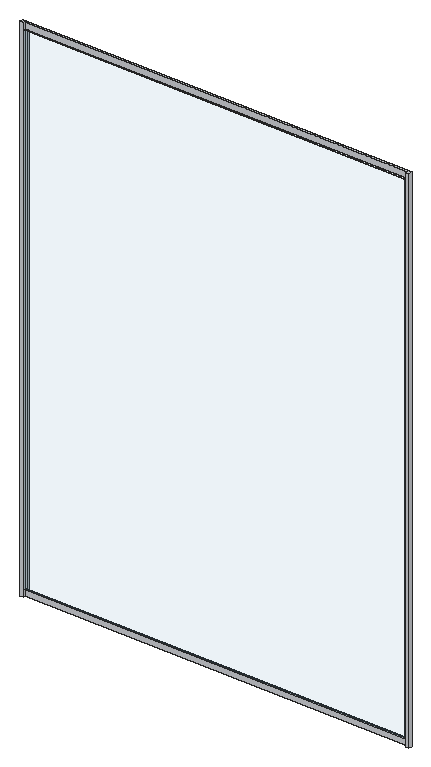
Revit family "ALSPEC HASTINGS 150 SGL GLZ", category Curtain Panels, Revit 2017
Family settings
  OmniClass Number = 23.25.20.14.11.11.17
  OmniClass Title = Infill Panels
  Always vertical = Yes
  Cut with Voids When Loaded = No
  Shared = No
Parameters
  YEAR = "2019"
  VERSION = "1.0"
  TODAYS DATE = "01.03.2019"
  SINGLE GLAZED THICKNESS = 25 mm
  OFFSET = 55.3 mm
  CREATOR = " Scott Isouard"  # constant formula
  COMPANY = "Archvis"  # constant formula
  Analytic Construction = "<None>"
  ANZRC Compliant = yes
  A = if(SINGLE GLAZED THICKNESS > 16 mm, 16 mm, if(SINGLE GLAZED THICKNESS < 6 mm, 6 mm, SINGLE GLAZED THICKNESS))  # 16 mm
Reference planes
  plane 1 "Center (Front/Back)": y = 0
  plane 2: z = 0
  plane 3 "Center (Left/Right)": x = 0
  plane 4 "Left": x = -1500
  plane 5 "Right": x = 1500
  plane 6 "Top": z = 4000
  plane 7: y = 55.3
  plane 8: y = 39.3
  plane 9: x = -1550
  plane 10: x = 1550
  plane 11: z = -50
  plane 12: z = 4050
  plane 13: y = 55.3
Forms (mm)
  Extrusion 1, solid, material "Glass"
    sketch origin (0, 0, 0) x (1, 0, 0) y (0, 1, 0)
      loop
        line (-1525, 39.3) -> (1525, 39.3) -> (1525, 51.7) -> (-1525, 51.7) -> (-1525, 39.3)
    from 0 to 4000
  Extrusion 2, solid
    sketch origin (-640, 0, 0) x (1, 0, 0) y (0, 1, 0)
      loop
        line (-860, 55.3) -> (2140, 55.3) -> (2140, 60.3) -> (-860, 60.3) -> (-860, 55.3)
    from 0 to -50
  Extrusion 3, solid
    sketch origin (-560, 0, 0) x (1, 0, 0) y (0, 1, 0)
      loop
        line (-940, 55.3) -> (2060, 55.3) -> (2060, 60.3) -> (-940, 60.3) -> (-940, 55.3)
    from 4050 to 4000
  Extrusion 4, solid
    sketch origin (0, 29, 0) x (1, 0, 0) y (0, 1, 0)
      loop
        line (-1550, 31.3) -> (-1550, 10.3) -> (-1525, 10.3) -> (-1525, 26.3) -> (-1500, 26.3) -> (-1500, 31.3) -> (-1550, 31.3)
    from -50 to 4050
  Extrusion 5, solid
    sketch origin (0, 29, 0) x (-1, 0, 0) y (0, -1, 0)
      loop
        line (-1550, -31.3) -> (-1500, -31.3) -> (-1500, -26.3) -> (-1525, -26.3) -> (-1525, -10.3) -> (-1550, -10.3) -> (-1550, -31.3)
    from -50 to 4050
Cuts and joins
  joined: Extrusion 2, Extrusion 3, Extrusion 4, Extrusion 5
Text (mm)
  text "Exterior" at (-2351.972, 1416.179, 0), in view "Ref. Level"
  text "Exterior" at (0, 2290.741, 4406.713), in view "Left"
  text "Exterior" at (0, 1328.187, 4120.349), in view "Right"
Dimensions and locks
  equal spacing: plane 4 "Left", plane 3 "Center (Left/Right)", plane 5 "Right"
  Extrusion 1 sketch curve to Extrusion 1 sketch curve = 12.4 mm
  "OFFSET": plane 7 to plane 1 "Center (Front/Back)"
  locked: plane 9 to plane 4 "Left" at 50
  locked: plane 5 "Right" to plane 10 at 50
  locked: plane 11 to plane 2 at 50
  locked: plane 6 "Top" to plane 12 at 50
  Extrusion 4 sketch curve to Extrusion 4 sketch curve = 21 mm
  locked: Extrusion 4 sketch curve to Extrusion 4 sketch curve at 25  (x2)
  locked: Extrusion 4 sketch curve to Extrusion 4 sketch curve at 5
  Extrusion 5 sketch curve to Extrusion 5 sketch curve = 21 mm
  locked: Extrusion 5 sketch curve to Extrusion 5 sketch curve at 25  (x2)
  locked: Extrusion 5 sketch curve to Extrusion 5 sketch curve at 5
  "OFFSET": plane 1 "Center (Front/Back)" to plane 13
  "A": plane 7 to plane 8
  aligned and locked: Extrusion 1 to plane 6 "Top"
  aligned and locked: plane 4 "Left" to Extrusion 2
  aligned and locked: Extrusion 2 to plane 5 "Right"
  aligned and locked: plane 11 to Extrusion 2
  aligned and locked: Extrusion 3 to plane 12
  aligned and locked: Extrusion 3 to plane 5 "Right"
  aligned and locked: plane 4 "Left" to Extrusion 3
  aligned and locked: Extrusion 2 to plane 2
  aligned and locked: plane 12 to Extrusion 3
  aligned and locked: Extrusion 3 to plane 6 "Top"
  aligned: Extrusion 4 to plane 6 "Top"
  aligned: Extrusion 4 to level
  aligned and locked: plane 13 to Extrusion 4
  aligned and locked: plane 13 to Extrusion 5
  aligned and locked: Extrusion 2 to Extrusion 4  (x2)
  aligned and locked: plane 13 to Extrusion 2
  aligned and locked: Extrusion 5 to Extrusion 3
  aligned and locked: Extrusion 3 to Extrusion 5  (x2)
  aligned: Extrusion 5 to plane 6 "Top"
  aligned: Extrusion 5 to plane 2
  aligned and locked: Extrusion 4 to Extrusion 3
  aligned and locked: Extrusion 5 to Extrusion 2
  aligned and locked: Extrusion 1 sketch curve to plane 8
  aligned and locked: Extrusion 4 sketch curve to Extrusion 1
  aligned and locked: Extrusion 5 sketch curve to Extrusion 1
Automatic sketch dimensions
  Extrusion 2 sketch curve to plane 4 "Left" = 0 mm
  Extrusion 2 sketch curve to plane 5 "Right" = 0 mm
  Extrusion 2 sketch curve to plane 1 "Center (Front/Back)" = 55.3 mm
  Extrusion 2 sketch curve to Extrusion 2 sketch curve = 5 mm
  Extrusion 3 sketch curve to plane 4 "Left" = 0 mm
  Extrusion 3 sketch curve to plane 5 "Right" = 0 mm
  Extrusion 3 sketch curve to plane 1 "Center (Front/Back)" = 55.3 mm
  Extrusion 3 sketch curve to Extrusion 3 sketch curve = 5 mm
  Extrusion 5 sketch curve to plane 10 = 0 mm
  Extrusion 4 sketch curve to plane 9 = 0 mm
  plane 4 "Left" to Extrusion 1 sketch curve = 25 mm
  Extrusion 1 sketch curve to plane 5 "Right" = 25 mm
